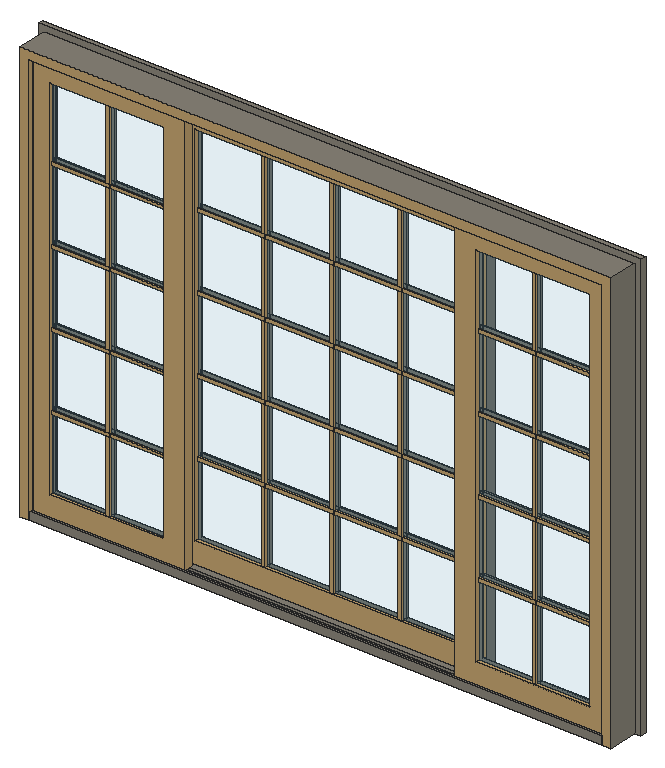
Revit family
Parameters (values of type "CMMSDS12080_XOX")
  Void Offset = if(and(Casing Visibility, BMC), 0' 1 5/16", if(and(Casing Visibility, Flat Casing), 0' 3", 0' 0"))  # 0' - 1 5/16"
  URL = "www.marvin.com"
  Sill Material = Polyurethane-Marvin-Bronze
  Sill Liner = if(Performance Sill, 0' 1 1/16", 0' 0")  # 0' - 1 1/16"
  Prairie Corner Width = 0' - 4"
  Prairie Corner Height = 0' - 4"
  Performance Sill = yes
  Panel Start Center = Panel Width / 2  # 1' - 5 17/32"
  Operator Arrow Visibility = yes
  Muntins Interior Material = Wood-Marvin-Pine
  Muntins Exterior Material = Aluminum-Marvin-Bronze
  Mtg Stile Offset = if(Performance Sill, 0' 1 13/16", 0' 1 7/32")  # 0' - 1 13/16"
  Lites Wide Center = 4
  Lite Cut Prairie 9 = no
  Lite Cut HV Grid = not(Lite Cut Prairie 9)  # yes
  Interior Material = Wood-Marvin-Pine
  Function = 1
  Frame = "Aluminum Clad"
  Flush Sill = not(Performance Sill)  # no
  Panel Stile = 0' - 4 47/64"  # constant formula
  Thickness = 0' - 2 1/4"  # constant formula
  Rough Width = Width + 0' 1"  # 11' - 1 27/32"
  Rough Height = Height + 0' 0 1/2"  # 7' - 11 7/32"
  DLO Width Center Panel = Center Panel Width - (Panel Stile * 2)  # 5' - 0 55/64"
  Center Panel Width = if(Nominal Width = 15' 0", Nominal Width - (Nominal Panel Width * 2) + 0' 7 21/32", Nominal Width - (Nominal Panel Width * 2) - 0' 1 43/64")  # 5' - 10 21/64"
  Panel Width = Nominal Panel Width - 0' 0 15/16"  # 2' - 11 1/16"
  Nominal Panel Width = 3' - 0"
  Panel Height = Height - 0' 2 7/32"  # 7' - 8 1/2"
  Nominal Width = 12' - 0"
  Nominal Height = 8' - 0"
  Muntins Interior Visibility = yes
  Muntins Exterior Visibility = yes
  Model = "CMMSDS12080_XOX"
  Manufacturer = "Marvin Windows and Doors"
  Lites Wide = 2
  Lites High = 5
  Label Visibility = no
  Jamb Depth = 0' - 6 25/32"  # constant formula
  Inset to Installation Flange [instance] = 0' - 1"
  Height = if(Nominal Height = 7' 0", Nominal Height + 0' 1 7/32", Nominal Height - 0' 1 9/32")  # 7' - 10 23/32"
  Wall Closure = (empty or 0)
  Width = if(Nominal Width = 15' 0", Nominal Width - 0' 1 53/64", Nominal Width - 0' 11 5/32")  # 11' - 0 27/32"
  Glazing Material = Glass-Marvin-IG Low E II with Argon
  Glass Type = "IG Low E II with Argon"
  Family created by = "www.rbuiltcomponents.com"
  Door Type = "Clad Ultimate Multi-Slide Stacked Door"
  Design Pressure = if(DP_1, "Not Rated", "DP40")  # "DP40"
  Description = "12080 MS DOOR"
  Daylight Area = (DLO Width Center Panel + (2 * DLO Width Panel)) * DLO Height Panel  # 64.6069 SF
  DP_1 = or(Panel Height > 10' 0", Panel Width > 4' 0", Flush Sill)  # no
  DLO Width Panel = Panel Width - (Panel Stile * 2)  # 2' - 1 19/32"
  DLO Height Panel = Panel Height - (Panel Stile * 2)  # 6' - 11 1/32"
  Cladding Material = Aluminum-Marvin-Bronze
  Casing Width = if(BMC, 0' 1 5/16", 0' 3")  # 0' - 1 5/16"
  Casing Visibility = yes
  Flat Casing Visibility = and(Casing Visibility, Flat Casing)  # no
  BMC Visibility = and(Casing Visibility, BMC)  # yes
  BMC = yes
  Flat Casing = not(BMC)  # no
  Assembly Code = ""
Reference planes (in)
  plane 1 "Center (Front/Back)": y = 0
  plane 2 "Center (Left/Right)": x = 0
  plane 3 "Left": x = -66.42188
  plane 4 "Right": x = 66.42187
  plane 5 "Top": z = 94.71875
  plane 6 "Exterior": y = 9
  plane 7 "Interior": y = -9
  plane 8 "Inset": y = 8
  plane 9: x = -65.5
  plane 10: x = 65.5
  plane 11: z = 93.71875
  plane 12 "Jamb Ext Face": y = 1.21875
  plane 13: y = 4.59375
  plane 14: y = 7.625
  plane 15: z = 96.03125
  plane 16: x = 47.96875
  plane 17: x = -47.96875
Forms (in)
  Extrusion 1, void
    sketch origin (0, 0, 0) x (1, 0, 0) y (0, 1, 0)
      loop
        line (-67.73438, 9.125) -> (-67.73438, 8) -> (67.73437, 8) -> (67.73437, 9.125) -> (-67.73438, 9.125)
    from 0 to 96.03125
  Extrusion 2, void
    sketch origin (0, 0, 0) x (1, 0, 0) y (0, 1, 0)
      loop
        line (-66.42188, 8) -> (-66.42188, -9) -> (66.42187, -9) -> (66.42187, 8) -> (-66.42188, 8)
    from 0 to 94.71875
  Sweep 3, solid, material "Polyurethane-Marvin-Bronze" <- "Sill Material"
    path origin (0, 8, 0) x (1, 0, 0) y (0, 0, 1)
      loop
        line (65.57812, 0) -> (-65.57813, 0)
    profile origin (0, 8, 0) x (0, 0, -1) y (0, -1, 0)
      loop
        line (0, -1.03125) -> (0, 6.3125) -> (-0.75, 6.3125) -> (-0.75, 5.04206) -> (-0.25, 5.04206) -> (-0.25, 3.60456) -> (-0.75, 3.60456) -> (-0.75, -1.03125) -> (0, -1.03125)
  Sweep 4, solid, material "Polyurethane-Marvin-Bronze" <- "Sill Material"
    path origin (0, 8, 0) x (1, 0, 0) y (0, 0, 1)
      loop
        line (64.45088, 0) -> (-64.45088, 0)
    profile origin (0, 8, 0) x (0, 0, -1) y (0, -1, 0)
      loop
        line (-1.8125, 6.3125) -> (0, 6.3125) -> (0, 6.78125) -> (-1.8125, 6.78125) -> (-1.8125, 6.3125)
  Sweep 5, solid, material "Aluminum-Marvin-Bronze" <- "Cladding Material"
    path origin (0, 8, 0) x (1, 0, 0) y (0, 0, 1)
      loop
        line (-66.42188, 0) -> (-66.42188, 94.71875) -> (66.42187, 94.71875) -> (66.42187, 0)
    profile origin (0, 8, 94.71875) x (0, 0, 1) y (0, -1, 0)
      loop
        line (0, 6.78125) -> (-1.971, 6.78125) -> (-1.971, 6) -> (-1.8125, 6) -> (-1.8125, -0.40625) -> (-0.84375, -0.40625) -> (-0.84375, -1.0935) -> (0, -1.0935) -> (0, 6.78125)
  Sweep 6, void
    path origin (0, 8, 0) x (1, 0, 0) y (0, 0, 1)
      loop
        line (-66.42188, 93.71875) -> (-66.42188, 0)
    profile origin (-66.42188, 8, 46.85938) x (0, -1, 0) y (1, 0, 0)
      loop
        line (5.65625, 1.8125) -> (3.15625, 1.8125) -> (3.15625, 0.8125) -> (5.65625, 0.8125) -> (5.65625, 1.8125)
  Sweep 7, void
    path origin (0, 8, 0) x (1, 0, 0) y (0, 0, 1)
      loop
        line (-64.60937, 94.71875) -> (64.60937, 94.71875)
    profile origin (0, 8, 94.71875) x (0, 0, 1) y (0, -1, 0)
      loop
        line (-0.25, 5.79297) -> (-1.5, 5.79297) -> (-1.5, 6.04297) -> (-1.8125, 6.04297) -> (-1.8125, 3.03125) -> (-1.5, 3.03125) -> (-1.5, 3.28125) -> (-0.25, 3.28125) -> (-0.25, 5.79297)
  Sweep 8, void
    path origin (0, 8, 0) x (1, 0, 0) y (0, 0, 1)
      loop
        line (-35.16406, 94.71875) -> (35.16406, 94.71875)
    profile origin (0, 8, 94.71875) x (0, 0, 1) y (0, -1, 0)
      loop
        line (-0.25, 0.24219) -> (-0.25, 2.75391) -> (-1.5, 2.75391) -> (-1.5, 3.00391) -> (-1.8125, 3.00391) -> (-1.8125, -0.00781) -> (-1.5, -0.00781) -> (-1.5, 0.24219) -> (-0.25, 0.24219)
  Sweep 9, void
    path origin (0, 8, 0) x (-1, 0, 0) y (0, 0, 1)
      loop
        line (-66.42188, 93.71875) -> (-66.42188, 0)
    profile origin (66.42187, 8, 46.85938) x (0, -1, 0) y (1, 0, 0)
      loop
        line (5.65625, -1.8125) -> (5.65625, -0.84375) -> (3.15625, -0.84375) -> (3.15625, -1.8125) -> (5.65625, -1.8125)
Cuts and joins
  Sweep 6, Sweep 7, Sweep 8, Sweep 9 cuts Sweep 5
  Sweep 8 cuts Sweep 3
  joined: Sweep 3, Sweep 4
Lines and regions (in)
  Masking region 1
    outline origin (0, 0, 0) x (0, 1, 0) y (0, 0, 1)
      loop
        line (9.0935, 94.71875) -> (1.21875, 94.71875) -> (1.21875, 0) -> (9.0935, 0) -> (9.0935, 94.71875)
  symbolic lines, style "DoorsPanelProjection", detail levels coarse+medium
    curve 1: line (0, 7.625, 93.71875) -> (0, 5.40625, 93.71875)
    curve 2: line (0, 7.625, 88.98437) -> (0, 7.625, 93.71875)
    curve 3: line (0, 5.40625, 88.98437) -> (0, 7.625, 88.98437)
    curve 4: line (0, 5.40625, 93.71875) -> (0, 5.40625, 88.98437)
    curve 5: line (0, 5.40625, 1.21875) -> (0, 7.625, 1.21875)
    curve 6: line (0, 5.40625, 5.95312) -> (0, 5.40625, 1.21875)
    curve 7: line (0, 7.625, 5.95312) -> (0, 5.40625, 5.95312)
    curve 8: line (0, 7.625, 1.21875) -> (0, 7.625, 5.95312)
    curve 9: line (0, 7.625, 5.95312) -> (0, 7.625, 88.98437)
    curve 15: line (0, 5.40625, 88.98437) -> (0, 5.40625, 5.95312)
  symbolic lines, style "DoorsGlassProjection", detail levels coarse+medium
    curve 10: line (0, 6.51562, 5.95312) -> (0, 6.51562, 88.98437)
  symbolic lines, style "DoorsFrameMullionProjection", detail levels coarse+medium
    curve 11: line (0, 9.0935, 94.71875) -> (0, 1.21875, 94.71875)
    curve 12: line (0, 9.0935, 92.90625) -> (0, 9.0935, 94.71875)
    curve 13: line (0, 1.21875, 92.74775) -> (0, 2.25, 92.74775)
    curve 14: line (0, 1.21875, 94.71875) -> (0, 1.21875, 92.74775)
    curve 16: line (0, 2.25, 93.71875) -> (0, 7.75, 93.71875)
    curve 17: line (0, 7.75, 92.90625) -> (0, 7.75, 93.71875)
    curve 18: line (0, 2.25, 92.74775) -> (0, 2.25, 93.71875)
    curve 19: line (0, 7.75, 92.90625) -> (0, 9.0935, 92.90625)
    curve 20: line (0, 9.03125, 0) -> (0, 1.21875, 0)
    curve 21: line (0, 9.03125, 0.75) -> (0, 9.03125, 0)
    curve 22: line (0, 1.21875, 0.75) -> (0, 9.03125, 0.75)
    curve 23: line (0, 1.21875, 0) -> (0, 1.21875, 0.75)
Text (in)
  text "Exterior" at (-74.96733, 27.31104, 0), in view "Ref. Level"
  text "Interior" at (-74.96733, -25.14366, 0), in view "Ref. Level"
  text "Exterior" at (0, 40.15149, 123.01588), in view "Right"
  text "Interior" at (0, -64.39139, 123.01588), in view "Right"
  text "Interior" at (0, -31.01599, 123.00693), in view "Left"
  text "Exterior" at (0, 54.57065, 123.00693), in view "Left"
Dimensions and locks (in)
  equal spacing: plane 3 "Left", plane 2 "Center (Left/Right)", plane 4 "Right"
  "Height": level to plane 5 "Top"
  "Width": plane 3 "Left" to plane 4 "Right"
  locked: plane 10 to plane 4 "Right" at 0.92188
  locked: plane 3 "Left" to plane 9 at 0.92188
  locked: plane 11 to plane 5 "Top" at 1
  "Inset to Installation Flange": host wall to plane 8 "Inset"
  "Jamb Depth": plane 12 "Jamb Ext Face" to plane 8 "Inset"
  locked: nested 1 to host wall at 12
  locked: Extrusion 1 sketch curve to host wall at 0.125
  "Void Offset": Extrusion 1 sketch curve to plane 3 "Left"
  "Void Offset": plane 4 "Right" to Extrusion 1 sketch curve
  locked: plane 13 to plane 8 "Inset" at 3.40625
  "Void Offset": plane 5 "Top" to plane 15
  "Panel Start Center": plane 16 to plane 10
  equal spacing: nested 4, curve 10, nested 4
  locked: plane 14 to plane 8 "Inset" at 0.375
  locked: Sweep 5 sketch curve to plane 12 "Jamb Ext Face" at 0.78125
  Sweep 6 sketch curve to plane 13 to Sweep 6 sketch curve = 0' - 2 1/4" locked, 0' - 0 1/4" locked
  locked: Sweep 6 sketch curve to cut or joined group of Sweep 5, Sweep 6, Sweep 7, Sweep 8, Sweep 9 at 1
  locked: plane 10 to Sweep 3 sketch curve at 0.07812
  locked: Sweep 3 sketch curve to plane 9 at 0.07812
  Sweep 7 sketch curve to Sweep 7 sketch curve to plane 13 to Sweep 7 sketch curve to Sweep 7 sketch curve = 0' - 0 1/4" locked, 0' - 0 1/8" locked, 0' - 2 99/256" locked, 0' - 0 1/4" locked
  Sweep 8 sketch curve to Sweep 8 sketch curve to plane 14 to Sweep 8 sketch curve to Sweep 8 sketch curve = 0' - 0 1/4" locked, 0' - 0 17/128" locked, 0' - 2 97/256" locked, 0' - 0 1/4" locked
  locked: Sweep 3 sketch curve to plane 12 "Jamb Ext Face" at 0.46875
  "Sill Liner": Sweep 4 sketch curve to cut or joined group of Sweep 3, Sweep 4, Sweep 8
  Sweep 9 sketch curve to plane 13 to Sweep 9 sketch curve = 0' - 2 1/4" locked, 0' - 0 1/4" locked
  Sweep 3 sketch curve to Sweep 3 sketch curve to plane 12 "Jamb Ext Face" = 0' - 1 7/16" locked, 0' - 1.73919" locked
  "Panel Start Center": plane 9 to plane 17
  aligned and locked: plane 6 "Exterior" to host wall
  aligned and locked: plane 7 "Interior" to host wall
  aligned and locked: plane 2 "Center (Left/Right)" to nested 1
  aligned and locked: Extrusion 1 sketch curve to plane 8 "Inset"
  aligned and locked: Extrusion 1 to level
  aligned and locked: Extrusion 2 sketch curve to plane 3 "Left"
  aligned and locked: plane 8 "Inset" to Extrusion 2 sketch curve
  aligned and locked: plane 4 "Right" to Extrusion 2 sketch curve
  aligned and locked: Extrusion 2 to plane 5 "Top"
  aligned and locked: Extrusion 2 to level
  aligned and locked: Extrusion 2 sketch curve to host wall
  aligned and locked: nested 2 to plane 9
  aligned and locked: plane 13 to nested 2
  aligned and locked: plane 8 "Inset" to nested 3
  aligned and locked: plane 2 "Center (Left/Right)" to nested 3
  aligned and locked: Extrusion 1 to plane 15
  aligned and locked: plane 5 "Top" to Masking region 1 sketch curve
  aligned and locked: level to Masking region 1 sketch curve
  aligned and locked: level to nested 4
  aligned and locked: nested 4 to plane 8 "Inset"
  aligned and locked: curve 1 to nested 4
  aligned and locked: curve 4 to nested 4
  aligned and locked: nested 4 to curve 5
  aligned and locked: curve 5 to nested 4
  aligned and locked: curve 11 to nested 4  (x2)
  aligned and locked: nested 4 to curve 14
  aligned and locked: curve 14 to plane 12 "Jamb Ext Face"
  aligned and locked: nested 4 to curve 9
  aligned and locked: Masking region 1 sketch curve to plane 12 "Jamb Ext Face"
  aligned and locked: Masking region 1 sketch curve to nested 4
  aligned and locked: curve 3 to nested 4
  aligned and locked: curve 7 to nested 4
  aligned and locked: nested 2 to plane 11  (x2)
  aligned and locked: level to Sweep 3 sketch curve
  aligned and locked: Sweep 4 sketch curve to level
  aligned and locked: Sweep 4 sketch curve to plane 12 "Jamb Ext Face"
  aligned and locked: plane 5 "Top" to Sweep 5 sketch curve
  aligned and locked: plane 4 "Right" to Sweep 5 sketch curve
  aligned and locked: plane 3 "Left" to Sweep 5 sketch curve
  aligned and locked: level to Sweep 5 sketch curve  (x2)
  aligned and locked: profile plane to Sweep 5 sketch curve
  aligned and locked: Sweep 5 sketch curve to nested 4  (x4)
  aligned and locked: plane 12 "Jamb Ext Face" to Sweep 5 sketch curve
  aligned and locked: Sweep 6 sketch curve to plane 3 "Left"
  aligned and locked: Sweep 4 to Sweep 6 sketch curve
  aligned and locked: cut or joined group of Sweep 5, Sweep 6, Sweep 7, Sweep 8, Sweep 9 to Sweep 6 sketch curve
  aligned and locked: Sweep 4 sketch curve to cut or joined group of Sweep 5, Sweep 6, Sweep 7, Sweep 8, Sweep 9
  aligned and locked: cut or joined group of Sweep 5, Sweep 6, Sweep 7, Sweep 8, Sweep 9 to Sweep 4 sketch curve
  aligned and locked: Sweep 7 sketch curve to plane 5 "Top"
  aligned and locked: Sweep 8 sketch curve to plane 5 "Top"
  aligned and locked: plane 11 to curve 16
  aligned and locked: curve 17 to nested 4
  aligned and locked: curve 18 to nested 4
  aligned and locked: curve 19 to nested 4
  aligned and locked: curve 20 to nested 4
  aligned and locked: nested 4 to curve 23
  aligned and locked: plane 12 "Jamb Ext Face" to curve 23
  aligned and locked: level to Sweep 4 sketch curve
  aligned and locked: plane 11 to Sweep 6 sketch curve
  aligned and locked: nested 5 to plane 16
  aligned and locked: plane 11 to nested 6
  aligned and locked: plane 11 to nested 5
  aligned and locked: nested 6 to plane 14
  aligned and locked: nested 5 to plane 13
  aligned and locked: Sweep 9 sketch curve to plane 4 "Right"
  aligned and locked: plane 11 to Sweep 9 sketch curve
  aligned and locked: level to Sweep 9 sketch curve
  aligned and locked: Sweep 9 sketch curve to cut or joined group of Sweep 3, Sweep 4, Sweep 8
  aligned and locked: Sweep 9 sketch curve to cut or joined group of Sweep 5, Sweep 6, Sweep 7, Sweep 8, Sweep 9
  aligned and locked: Sweep 8 sketch curve to nested 6  (x2)
  aligned and locked: nested 7 to plane 2 "Center (Left/Right)"
  aligned and locked: nested 7 to plane 8 "Inset"
  aligned and locked: curve 21 to nested 4
  aligned and locked: plane 2 "Center (Left/Right)" to nested 6
  aligned and locked: plane 17 to nested 2
  aligned and locked: Sweep 7 sketch curve to cut or joined group of Sweep 5, Sweep 6, Sweep 7, Sweep 8, Sweep 9
Automatic sketch dimensions
  Sweep 3 sketch curve to profile plane = 0' - 0"
  profile plane to Sweep 3 sketch curve = 0' - 0 1/4"
  profile plane to Sweep 3 sketch curve = 0' - 0 3/4"
  Sweep 3 sketch curve to Sweep 3 sketch curve = 0' - 0 1/2"
  Sweep 3 sketch curve to plane 8 "Inset" = 0' - 1 1/32"
  Sweep 4 sketch curve to Sweep 4 sketch curve = 0' - 0 15/32"
  Sweep 5 sketch curve to Sweep 5 sketch curve = 0' - 0.1585"
  plane 10 to Sweep 7 sketch curve = 0' - 0 57/64"
  profile plane to Sweep 7 sketch curve = 0' - 1 13/16"
  Sweep 7 sketch curve to Sweep 7 sketch curve = 0' - 0 5/16"  (x2)
  profile plane to Sweep 7 sketch curve = 0' - 0 1/4"
  profile plane to Sweep 8 sketch curve = 0' - 1 13/16"
  Sweep 8 sketch curve to Sweep 8 sketch curve = 0' - 0 5/16"  (x2)
  profile plane to Sweep 8 sketch curve = 0' - 0 1/4"
Nested families (in)
  nested 1: "Label Annotation 1-16 w5" at (0, 21, 0), visible <- "Label Visibility", type "Label Annotation 1-16 w5"
  nested 2: "Panel" at (-47.96875, 4.59375, 1.21875), Arrow Visibility <- "Operator Arrow Visibility", type "Panel"
    with Meeting Flange no, Arrow Visibility yes
  nested 3: "Casing_Clad" at (0, 8, 0), visible <- "Casing Visibility", type "Casing_Clad"
    with Width 11' - 0 27/32"
  nested 4: "Door_Section_Detail" at (0, 8, 0) x (0, -1, 0) z (1, 0, 0), type "Door_Section_Detail", detail levels fine
  nested 5: "Panel" at (47.96875, 4.59375, 1.21875) x (-1, 0, 0) z (0, 0, 1), Arrow Visibility <- "Operator Arrow Visibility", type "Panel"
    with Meeting Flange no, Arrow Visibility yes
  nested 6: "Center Panel" at (0, 7.625, 1.21875) x (-1, 0, 0) z (0, 0, 1), type "Center Panel"
    with Meeting Flange yes, Arrow Visibility no
  nested 7: "Door_Plan_Detail" at (0, 8, 94.71875) x (1, 0, 0) z (0, 0, -1), type "Door_Plan_Detail"
Definition of nested family "Panel"
  Parameters (values of type "Panel")
    Width = 2' - 11 1/16"
    Thickness = 0' - 2 7/32"
    Prairie Corner Width = 0' - 4"
    Prairie Corner Height = 0' - 4"
    Muntins Interior Visibility = yes
    Muntins Interior Finish = Wood-Marvin-Pine
    Muntins Exterior Visibility = yes
    Muntins Exterior Finish = Aluminum-Marvin-Bronze
    Meeting Flange [instance] = yes
    Lites Wide = 2
    Lites High = 5
    Lite Cut Prairie 9 = no
    Lite Cut HV Grid = yes
    Interior Finish = Wood-Marvin-Pine
    Height = 7' - 8 1/2"
    Glazing Material = Glass-Marvin-IG Low E II with Argon
    DLO Width = 2' - 1 19/32"
    DLO Height = 6' - 11 1/32"
    Cladding Finish = Aluminum-Marvin-Bronze
    Assembly Code = ""
    Arrow Visibility [instance] = yes
  Reference planes (in)
    plane 1 "Center (Front/Back)": y = 0
    plane 2: z = 0
    plane 3 "Center (Left/Right)": x = 0
    plane 4: x = -17.53125
    plane 5: x = 17.53125
    plane 6: z = 92.5
    plane 7: y = -2.21875
    plane 8: z = 87.76562
    plane 9: x = -12.79687
    plane 10: x = 12.79688
    plane 11 "Top Rail": z = 4.73437
  Forms (in)
    Sweep 1, solid, material "Aluminum-Marvin-Bronze" <- "Cladding Finish"
      path origin (0, 0, 0) x (1, 0, 0) y (0, 0, 1)
        loop
          line (-12.79687, 87.76563) -> (-12.79687, 4.73438) -> (12.79688, 4.73438) -> (12.79688, 87.76563) -> (-12.79687, 87.76563)
      profile "Sash_C : Sash_C" origin (0, 0, 87.76563) x (0, 0, 1) y (0, -1, 0)
        loop
          line (4.73437, 0) -> (4.73438, 2.21875) -> (0, 2.21875) -> (0, 1.5) -> (0.73438, 1.5) -> (0.73437, 0.4375) -> (0, 0.4375) -> (0, 0.39904) -> (0.25, 0.14904) -> (0.25, 0) -> (4.73437, 0)
    Extrusion 2, solid, material "Glass-Marvin-IG Low E II with Argon" <- "Glazing Material"
      sketch origin (0, 0, 0) x (1, 0, 0) y (0, 0, 1)
        loop
          line (-13.54687, 88.51563) -> (-13.54687, 3.98438) -> (13.54688, 3.98438) -> (13.54688, 88.51563) -> (-13.54687, 88.51563)
      from 0.4863 to 1.4238
  Dimensions and locks (in)
    equal spacing: plane 4, plane 3 "Center (Left/Right)", plane 5
    "Width": plane 4 to plane 5
    "Height": plane 6 to plane 2
    locked: plane 9 to plane 4 at 4.73438
    locked: plane 5 to plane 10 at 4.73438
    locked: plane 6 to plane 8 at 4.73438
    locked: plane 11 "Top Rail" to plane 2 at 4.73438
    "Thickness": plane 7 to plane 1 "Center (Front/Back)"
    locked: nested 3 to plane 5 at 12
    equal spacing: plane 6, nested 3, level
    aligned and locked: plane 11 "Top Rail" to Sweep 1 sketch curve
    aligned and locked: plane 9 to Sweep 1 sketch curve
    aligned and locked: Sweep 1 sketch curve to plane 8
    aligned and locked: Sweep 1 sketch curve to plane 10
    aligned and locked: nested 1 to Sweep 1
    aligned and locked: plane 3 "Center (Left/Right)" to nested 1
    aligned and locked: Sweep 1 to nested 2
    aligned and locked: nested 2 to plane 8
    aligned and locked: nested 2 to plane 3 "Center (Left/Right)"
    aligned and locked: plane 8 to nested 1
  Automatic sketch dimensions
    Extrusion 2 sketch curve to plane 9 = 0' - 0 3/4"
    plane 10 to Extrusion 2 sketch curve = 0' - 0 3/4"
    Extrusion 2 sketch curve to plane 11 "Top Rail" = 0' - 0 3/4"
    plane 8 to Extrusion 2 sketch curve = 0' - 0 3/4"
  Nested families (in)
    nested 1: "Muntins" at (0, -1.5, -31.3125), Muntin Material <- "Muntins Interior Finish", visible <- "Muntins Interior Visibility", type "Muntins"
      with MuntinDepth 0' - 0 3/8", Muntin Material Wood-Marvin-Pine, Muntin Extension 0' - 0 17/32", GlazingWidth 2' - 1 19/32", GlazingHeight 6' - 11 1/32", Width 2' - 2 1/8", VertMuntVisible no, LitesVertical 5, LitesHorizontal 2, HorizontalMuntins 4, Height 6' - 11 9/16", Inset Vert 0' - 8.33333", Inset Horiz 1' - 4.3375", CenterMuntinVertical yes
    nested 2: "Muntins" at (0, -0.4375, -31.3125), Muntin Material <- "Muntins Exterior Finish", visible <- "Muntins Exterior Visibility", type "Muntins"
      with MuntinDepth 0' - 0 5/16", Muntin Material Aluminum-Marvin-Bronze, Muntin Extension 0' - 0 17/32", GlazingWidth 2' - 1 19/32", GlazingHeight 6' - 11 1/32", Width 2' - 2 1/8", VertMuntVisible no, LitesVertical 5, LitesHorizontal 2, HorizontalMuntins 4, Height 6' - 11 9/16", Inset Vert 0' - 8.33333", Inset Horiz 1' - 4.3375", CenterMuntinVertical yes
    nested 3: "Sliding Arrow" at (5.53125, 0, 46.25) x (1, 0, 0) z (0, -1, 0), visible <- "Arrow Visibility", type "Sliding Arrow"
  Definition of nested family "Muntins"
    Parameters (values of type "Muntins")
      PrairieMuntVisible = no
      Prairie Corner Width = 0' - 4"
      Prairie Corner Height = 0' - 4"
      Muntin Extension = 0' - 0 7/16"
      GridMuntVisible = yes
      GlazingWidth = 2' - 0"
      GlazingHeight = 2' - 11 1/8"
      Width = GlazingWidth + Muntin Extension  # 2' - 0 7/16"
      VerticalMuntins = if(LitesHorizontal < 3, 2, LitesHorizontal - 1)  # 2
      VertMuntVisible = and(GridMuntVisible, LitesHorizontal > 2)  # yes
      MuntinWidth = 0' - 0 3/4"
      MuntinDepth [instance] = 0' - 0 3/8"
      Muntin Material [instance] = none
      LitesVertical = 3
      LitesHorizontal = 3
      HorizontalMuntins = if(LitesVertical < 3, 2, LitesVertical - 1)  # 2
      HorizMuntVisible = and(GridMuntVisible, LitesVertical > 2)  # yes
      Height = GlazingHeight + Muntin Extension  # 2' - 11 9/16"
      Inset Vert = if(LitesHorizontal < 3, (Width / 3) - (MuntinWidth / 2), (Width / LitesHorizontal) - (MuntinWidth / 2))  # 0' - 7.77083"
      Inset Horiz = if(LitesVertical < 3, (Height / 3) - (MuntinWidth / 2), (Height / LitesVertical) - (MuntinWidth / 2))  # 0' - 11.47917"
      CenterMuntinVertical = and(GridMuntVisible, LitesHorizontal = 2)  # no
      CenterMuntinHorizontal = and(GridMuntVisible, LitesVertical = 2)  # no
      Assembly Code = ""
    Reference planes (in)
      plane 1 "Center (Front/Back)": y = 0
      plane 2: z = 0
      plane 3 "Center (Left/Right)": x = 0
      plane 4: z = 35.78125
      plane 5: z = 53.5625
      plane 6: z = 71.34375
      plane 7: z = 59.86458
      plane 8: z = 47.26042
      plane 9: z = 71.125
      plane 10: z = 36
      plane 11: x = -12
      plane 12: x = 12
      plane 13: x = -4.44792
      plane 14: x = -12.21875
      plane 15: x = 12.21875
      plane 16: x = 4.44792
      plane 17: z = 67.125
      plane 18: z = 40
      plane 19: x = -8
      plane 20: x = 8
    Forms (in)
      Extrusion 1, solid, material <- "Muntin Material", visible <- "CenterMuntinVertical", detail levels medium+fine
        sketch origin (9, 0, 0) x (1, 0, 0) y (0, 0, 1)
          loop
            line (-9.375, 71.34375) -> (-9.375, 35.78125) -> (-8.625, 35.78125) -> (-8.625, 71.34375) -> (-9.375, 71.34375)
        from 0 to 0.375 <- "MuntinDepth"
      Extrusion 2, solid, material <- "Muntin Material", visible <- "CenterMuntinHorizontal", detail levels medium+fine
        sketch origin (-0.0013, 0, 14.6875) x (1, 0, 0) y (0, 0, 1)
          loop
            line (-12.21745, 39.25) -> (-12.21745, 38.5) -> (12.22005, 38.5) -> (12.22005, 39.25) -> (-12.21745, 39.25)
        from 0 to 0.375 <- "MuntinDepth"
      Extrusion 3, solid, material <- "Muntin Material", visible <- "VertMuntVisible", detail levels medium+fine
        sketch origin (4.92708, 0, -2.90625) x (1, 0, 0) y (0, 0, 1)
          loop
            line (-9.375, 74.25) -> (-9.375, 38.6875) -> (-8.625, 38.6875) -> (-8.625, 74.25) -> (-9.375, 74.25)
        from 0 to 0.375 <- "MuntinDepth"
      Extrusion 4, solid, material <- "Muntin Material", visible <- "HorizMuntVisible", detail levels medium+fine
        sketch origin (-3.09635, 0, 14.17708) x (1, 0, 0) y (0, 0, 1)
          loop
            line (-9.1224, 45.6875) -> (-9.1224, 44.9375) -> (15.3151, 44.9375) -> (15.3151, 45.6875) -> (-9.1224, 45.6875)
        from 0 to 0.375 <- "MuntinDepth"
      Extrusion 5, solid, material <- "Muntin Material", visible <- "HorizMuntVisible", detail levels medium+fine
        sketch origin (-3.09635, 0, 2.32292) x (1, 0, 0) y (0, 0, 1)
          loop
            line (-9.1224, 45.6875) -> (-9.1224, 44.9375) -> (15.3151, 44.9375) -> (15.3151, 45.6875) -> (-9.1224, 45.6875)
        from 0 to 0.375 <- "MuntinDepth"
      Extrusion 6, solid, material <- "Muntin Material", visible <- "VertMuntVisible", detail levels medium+fine
        sketch origin (13.07292, 0, -2.90625) x (1, 0, 0) y (0, 0, 1)
          loop
            line (-9.375, 74.25) -> (-9.375, 38.6875) -> (-8.625, 38.6875) -> (-8.625, 74.25) -> (-9.375, 74.25)
        from 0 to 0.375 <- "MuntinDepth"
      Extrusion 7, solid, material <- "Muntin Material", visible <- "PrairieMuntVisible", detail levels medium+fine
        sketch origin (1, 0, 0) x (1, 0, 0) y (0, 0, 1)
          loop
            line (-9, 71.34375) -> (-9, 35.78125) -> (-8.25, 35.78125) -> (-8.25, 71.34375) -> (-9, 71.34375)
        from 0 to 0.375 <- "MuntinDepth"
      Extrusion 8, solid, material <- "Muntin Material", visible <- "PrairieMuntVisible", detail levels medium+fine
        sketch origin (17, 0, 0) x (1, 0, 0) y (0, 0, 1)
          loop
            line (-9.75, 71.34375) -> (-9.75, 35.78125) -> (-9, 35.78125) -> (-9, 71.34375) -> (-9.75, 71.34375)
        from 0 to 0.375 <- "MuntinDepth"
      Extrusion 9, solid, material <- "Muntin Material", visible <- "PrairieMuntVisible", detail levels medium+fine
        sketch origin (-0.0013, 0, 28.25) x (1, 0, 0) y (0, 0, 1)
          loop
            line (-12.21745, 38.875) -> (-12.21745, 38.125) -> (12.22005, 38.125) -> (12.22005, 38.875) -> (-12.21745, 38.875)
        from 0 to 0.375 <- "MuntinDepth"
      Extrusion 10, solid, material <- "Muntin Material", visible <- "PrairieMuntVisible", detail levels medium+fine
        sketch origin (-0.0013, 0, 1.125) x (1, 0, 0) y (0, 0, 1)
          loop
            line (-12.21745, 39.625) -> (-12.21745, 38.875) -> (12.22005, 38.875) -> (12.22005, 39.625) -> (-12.21745, 39.625)
        from 0 to 0.375 <- "MuntinDepth"
    Cuts and joins
      joined: Extrusion 7, Extrusion 8, Extrusion 9, Extrusion 10
    Lines and regions (in)
      model lines, style "Muntins", visible <- "CenterMuntinHorizontal", detail levels coarse
        curve 1: line (-12.21875, 0, 53.5625) -> (12.21875, 0, 53.5625)
      model lines, style "Muntins", visible <- "HorizMuntVisible", detail levels coarse
        curve 2: line (-12.21875, 0, 59.48958) -> (12.21875, 0, 59.48958)
        curve 3: line (-12.21875, 0, 47.63542) -> (12.21875, 0, 47.63542)
      model lines, style "Muntins", visible <- "CenterMuntinVertical", detail levels coarse
        curve 4: line (0, 0, 71.34375) -> (0, 0, 35.78125)
      model lines, style "Muntins", visible <- "VertMuntVisible", detail levels coarse
        curve 5: line (-4.07292, 0, 71.34375) -> (-4.07292, 0, 35.78125)
        curve 6: line (4.07292, 0, 71.34375) -> (4.07292, 0, 35.78125)
      model lines, style "Muntins", visible <- "PrairieMuntVisible", detail levels coarse
        curve 7: line (-12.21875, 0, 66.75) -> (12.21875, 0, 66.75)
        curve 8: line (-12.21875, 0, 40.375) -> (12.21875, 0, 40.375)
        curve 9: line (-7.625, 0, 35.78125) -> (-7.625, 0, 71.34375)
        curve 10: line (7.625, 0, 35.78125) -> (7.625, 0, 71.34375)
    Dimensions and locks (in)
      "Inset Horiz": plane 6 to plane 7
      "Inset Horiz": plane 8 to plane 4
      equal spacing: plane 6, plane 5, plane 4
      "Height": plane 6 to plane 4
      "GlazingHeight": plane 9 to plane 10
      equal spacing: plane 9, plane 5, plane 10
      "GlazingWidth": plane 12 to plane 11
      equal spacing: plane 12, plane 3 "Center (Left/Right)", plane 11
      "MuntinWidth": Extrusion 1 sketch curve to Extrusion 1 sketch curve
      "Height": Extrusion 1 sketch curve to Extrusion 1 sketch curve
      "MuntinWidth": Extrusion 2 sketch curve to Extrusion 2 sketch curve
      "Width": Extrusion 2 sketch curve to Extrusion 2 sketch curve
      "MuntinWidth": Extrusion 3 sketch curve to Extrusion 3 sketch curve
      "Height": Extrusion 3 sketch curve to Extrusion 3 sketch curve
      "Width": plane 15 to plane 14
      equal spacing: plane 15, plane 3 "Center (Left/Right)", plane 14
      "Inset Vert": plane 13 to plane 14
      "Inset Vert": plane 15 to plane 16
      "MuntinWidth": Extrusion 4 sketch curve to Extrusion 4 sketch curve
      "Width": Extrusion 4 sketch curve to Extrusion 4 sketch curve
      "MuntinWidth": Extrusion 5 sketch curve to Extrusion 5 sketch curve
      "Width": Extrusion 5 sketch curve to Extrusion 5 sketch curve
      group 2 to group 3 = 0' - 0"  (x2)
      group 3 to group 2 = 0' - 11.85417"
      "MuntinWidth": Extrusion 6 sketch curve to Extrusion 6 sketch curve
      "Height": Extrusion 6 sketch curve to Extrusion 6 sketch curve
      group 4 to group 5 = 0' - 8.14583"
      group 4 to group 5 = 0' - 0"  (x2)
      "Prairie Corner Width": plane 19 to plane 11
      "Prairie Corner Width": plane 20 to plane 12
      "Prairie Corner Height": plane 9 to plane 17
      "Prairie Corner Height": plane 18 to plane 10
      "MuntinWidth": Extrusion 7 sketch curve to Extrusion 7 sketch curve
      "Height": Extrusion 7 sketch curve to Extrusion 7 sketch curve
      "MuntinWidth": Extrusion 8 sketch curve to Extrusion 8 sketch curve
      "Height": Extrusion 8 sketch curve to Extrusion 8 sketch curve
      "MuntinWidth": Extrusion 9 sketch curve to Extrusion 9 sketch curve
      "Width": Extrusion 9 sketch curve to Extrusion 9 sketch curve
      "MuntinWidth": Extrusion 10 sketch curve to Extrusion 10 sketch curve
      "Width": Extrusion 10 sketch curve to Extrusion 10 sketch curve
      aligned and locked: plane 6 to Extrusion 1  (x2)
      aligned and locked: Extrusion 1 to plane 4  (x3)
      aligned and locked: Extrusion 3 to plane 13  (x5)
      aligned and locked: Extrusion 3 to plane 4  (x3)
      aligned and locked: Extrusion 2 to plane 14
      aligned and locked: plane 15 to Extrusion 2
      aligned and locked: plane 6 to Extrusion 3
      aligned and locked: plane 7 to Extrusion 4
      aligned and locked: Extrusion 4 to plane 14
      aligned and locked: plane 15 to Extrusion 4
      aligned and locked: curve 1 to plane 5
      aligned and locked: plane 14 to curve 1
      aligned and locked: plane 15 to curve 1
      aligned and locked: Extrusion 5 to plane 14
      aligned and locked: Extrusion 5 to plane 8
      aligned and locked: plane 15 to Extrusion 5
      aligned and locked: Extrusion 5 to curve 3  (x2)
      aligned and locked: Extrusion 4 to curve 2  (x2)
      aligned and locked: curve 4 to plane 3 "Center (Left/Right)"
      aligned and locked: Extrusion 1 to curve 4  (x2)
      aligned and locked: Extrusion 3 to curve 5  (x2)
      aligned and locked: Extrusion 6 to curve 6  (x2)
      aligned and locked: Extrusion 6 to plane 16
      aligned and locked: plane 6 to Extrusion 6
      aligned and locked: plane 6 to curve 6
      aligned and locked: Extrusion 6 to plane 4
      aligned and locked: plane 4 to curve 6
      aligned and locked: cut or joined group of Extrusion 7, Extrusion 8, Extrusion 9, Extrusion 10 to plane 19
      aligned and locked: plane 20 to cut or joined group of Extrusion 7, Extrusion 8, Extrusion 9, Extrusion 10
      aligned and locked: plane 17 to cut or joined group of Extrusion 7, Extrusion 8, Extrusion 9, Extrusion 10
      aligned and locked: cut or joined group of Extrusion 7, Extrusion 8, Extrusion 9, Extrusion 10 to plane 18
      aligned and locked: cut or joined group of Extrusion 7, Extrusion 8, Extrusion 9, Extrusion 10 to curve 7  (x2)
      aligned and locked: cut or joined group of Extrusion 7, Extrusion 8, Extrusion 9, Extrusion 10 to curve 8  (x2)
      aligned and locked: cut or joined group of Extrusion 7, Extrusion 8, Extrusion 9, Extrusion 10 to curve 9  (x2)
      aligned and locked: cut or joined group of Extrusion 7, Extrusion 8, Extrusion 9, Extrusion 10 to curve 10  (x2)
    Automatic sketch dimensions
      Extrusion 1 sketch curve to plane 4 = 0' - 0"
      Extrusion 1 sketch curve to plane 3 "Center (Left/Right)" = 0' - 0 3/8"
      Extrusion 2 sketch curve to plane 14 = 0' - 0"
      Extrusion 2 sketch curve to plane 5 = 0' - 0 3/8"
      Extrusion 7 sketch curve to plane 4 = 0' - 0"
      Extrusion 7 sketch curve to plane 19 = 0' - 0"
      Extrusion 8 sketch curve to plane 4 = 0' - 0"
      Extrusion 8 sketch curve to plane 20 = 0' - 0 3/4"
      Extrusion 9 sketch curve to plane 14 = 0' - 0"
      Extrusion 9 sketch curve to plane 17 = 0' - 0 3/4"
      Extrusion 10 sketch curve to plane 14 = 0' - 0"
      Extrusion 10 sketch curve to plane 18 = 0' - 0"
      plane 19 to curve 9 = 0' - 0 3/8"
      curve 10 to plane 20 = 0' - 0 3/8"
      plane 18 to curve 8 = 0' - 0 3/8"
      curve 7 to plane 17 = 0' - 0 3/8"
  Definition of nested family "Sliding Arrow"
    Reference planes (in)
      plane 1 "Center (Front/Back)": y = 0
      plane 2: z = 0
      plane 3 "Center (Left/Right)": x = 0
    Lines and regions (in)
      detail lines, in view "Ref. Level"
        curve 1: line (0, 1.5, 0) -> (0, -1.5, 0)
        curve 2: line (0, 1.5, 0) -> (2.59808, 0, 0)
        curve 3: line (2.59808, 0, 0) -> (0, -1.5, 0)
Definition of nested family "Casing_Clad"
  Parameters (values of type "Casing_Clad")
    Width = 40' - 0"
    Height = 7' - 10 23/32"
    Flat Casing Visibility = no
    Cladding Finish = Aluminum-Marvin-Bronze
    BMC Visibility = yes
    Assembly Code = ""
  Reference planes (in)
    plane 1 "Center (Front/Back)": y = 0
    plane 2: z = 0
    plane 3 "Center (Left/Right)": x = 0
    plane 4: z = 94.71875
    plane 5: x = -240
    plane 6: x = 240
  Forms (in)
    Sweep 1, solid, material "Aluminum-Marvin-Bronze" <- "Cladding Finish", visible <- "BMC Visibility"
      path origin (0, 0, 0) x (1, 0, 0) y (0, 0, 1)
        loop
          line (-240, 0) -> (-240, 94.71875) -> (240, 94.71875) -> (240, 0)
      profile "BMC_Clad : BMC_Clad" origin (240, 0, 47.35938) x (1, 0, 0) y (0, -1, 0)
        loop
          line (0.71589, -1.25) -> (1.3125, -1.25) -> (1.3125, 0) -> (0, 0) -> (0, -1.09375) -> (0.38081, -1.09375) -> (0.71589, -1.25)
    Sweep 2, solid, material "Aluminum-Marvin-Bronze" <- "Cladding Finish", visible <- "Flat Casing Visibility"
      path origin (0, 0, 0) x (1, 0, 0) y (0, 0, 1)
        loop
          line (-240, 0) -> (-240, 94.71875) -> (240, 94.71875) -> (240, 0)
      profile "Flat_Casing_Clad : Flat_Casing_Clad" origin (240, 0, 47.35938) x (1, 0, 0) y (0, -1, 0)
        loop
          line (3, -1.09375) -> (3, 0) -> (0, 0) -> (0, -1.09375) -> (3, -1.09375)
  Lines and regions (in)
    Masking region 1, visible <- "Flat Casing Visibility"
      outline origin (0, 0, 0) x (1, 0, 0) y (0, 1, 0)
        loop
          line (-240, 0) -> (-240, 1.09375) -> (-243, 1.09375) -> (-243, 0) -> (-240, 0)
    Masking region 2, visible <- "Flat Casing Visibility"
      outline origin (0, 0, 0) x (0, 1, 0) y (-1, 0, 0)
        loop
          line (0, -240) -> (0, -243) -> (1.09375, -243) -> (1.09375, -240) -> (0, -240)
    Masking region 3, visible <- "BMC Visibility"
      outline origin (0, 0, 0) x (1, 0, 0) y (0, 1, 0)
        loop
          line (240, 1.09375) -> (240, 0) -> (241.3125, 0) -> (241.3125, 1.25) -> (240.71589, 1.25) -> (240.38081, 1.09375) -> (240, 1.09375)
    Masking region 4, visible <- "BMC Visibility"
      outline origin (0, 0, 0) x (0, 1, 0) y (-1, 0, 0)
        loop
          line (1.09375, 240) -> (1.09375, 240.38081) -> (1.25, 240.71589) -> (1.25, 241.3125) -> (0, 241.3125) -> (0, 240) -> (1.09375, 240)
    Masking region 5, visible <- "Flat Casing Visibility"
      outline origin (0, 0, 0) x (0, 1, 0) y (0, 0, 1)
        loop
          line (1.09375, 97.71875) -> (0, 97.71875) -> (0, 94.71875) -> (1.09375, 94.71875) -> (1.09375, 97.71875)
    Masking region 6, visible <- "BMC Visibility"
      outline origin (0, 0, 0) x (0, 1, 0) y (0, 0, 1)
        loop
          line (1.25, 96.03125) -> (0, 96.03125) -> (0, 94.71875) -> (1.09375, 94.71875) -> (1.09375, 95.09956) -> (1.25, 95.43464) -> (1.25, 96.03125)
    symbolic lines, style "Frame/Mullion", visible <- "Flat Casing Visibility", detail levels coarse+medium
      curve 1: line (0, 1.09375, 94.71875) -> (0, 1.09375, 97.71875)
      curve 2: line (0, 1.09375, 97.71875) -> (0, 0, 97.71875)
      curve 11: line (-243, 1.09375, 0) -> (-243, 0, 0)
      curve 12: line (-240, 1.09375, 0) -> (-243, 1.09375, 0)
      curve 13: line (243, 0, 0) -> (243, 1.09375, 0)
      curve 14: line (243, 1.09375, 0) -> (240, 1.09375, 0)
    symbolic lines, style "Frame/Mullion", visible <- "BMC Visibility", detail levels coarse+medium
      curve 3: line (0, 1.25, 96.03125) -> (0, 0, 96.03125)
      curve 4: line (0, 1.25, 95.43464) -> (0, 1.25, 96.03125)
      curve 5: line (0, 1.09375, 95.09956) -> (0, 1.25, 95.43464)
      curve 6: line (0, 1.09375, 94.71875) -> (0, 1.09375, 95.09956)
      curve 7: line (-240.71589, 1.25, 0) -> (-241.3125, 1.25, 0)
      curve 8: line (-240.38081, 1.09375, 0) -> (-240.71589, 1.25, 0)
      curve 9: line (-240, 1.09375, 0) -> (-240.38081, 1.09375, 0)
      curve 10: line (-241.3125, 1.25, 0) -> (-241.3125, 0, 0)
      curve 15: line (241.3125, 0, 0) -> (241.3125, 1.25, 0)
      curve 16: line (241.3125, 1.25, 0) -> (240.71589, 1.25, 0)
      curve 17: line (240.71589, 1.25, 0) -> (240.38081, 1.09375, 0)
      curve 18: line (240.38081, 1.09375, 0) -> (240, 1.09375, 0)
  Dimensions and locks (in)
    "Width": plane 6 to plane 5
    equal spacing: plane 6, plane 3 "Center (Left/Right)", plane 5
    "Height": plane 4 to plane 2
    aligned and locked: plane 4 to Sweep 1 sketch curve
    aligned and locked: plane 5 to Sweep 1 sketch curve
    aligned and locked: plane 2 to Sweep 1 sketch curve
    aligned and locked: Sweep 1 sketch curve to plane 2
    aligned and locked: plane 4 to Sweep 2 sketch curve
    aligned and locked: plane 5 to Sweep 2 sketch curve
    aligned and locked: plane 2 to Sweep 2 sketch curve
    aligned and locked: Sweep 2 sketch curve to plane 2
    aligned and locked: Masking region 1 sketch curve to Sweep 1
    aligned and locked: plane 1 "Center (Front/Back)" to Masking region 1 sketch curve
    aligned and locked: Sweep 2 to Masking region 1 sketch curve
    aligned and locked: Masking region 1 sketch curve to Sweep 2
    aligned and locked: Masking region 2 sketch curve to Sweep 2  (x3)
    aligned and locked: Sweep 2 to Masking region 2 sketch curve
    aligned and locked: Masking region 3 sketch curve to Sweep 2
    aligned and locked: Masking region 3 sketch curve to Sweep 1  (x4)
    aligned and locked: Sweep 1 to Masking region 3 sketch curve
    aligned and locked: Masking region 4 sketch curve to Sweep 2
    aligned and locked: Masking region 4 sketch curve to Sweep 1  (x5)
    aligned and locked: Masking region 5 sketch curve to Sweep 2  (x2)
    aligned and locked: Sweep 1 to Masking region 5 sketch curve
    aligned and locked: Masking region 5 sketch curve to Sweep 1
    aligned and locked: Masking region 6 sketch curve to Sweep 1  (x6)
    aligned and locked: curve 1 to Masking region 5
    aligned and locked: curve 2 to Sweep 2
    aligned and locked: curve 3 to Sweep 1
    aligned and locked: curve 4 to Masking region 6
    aligned and locked: curve 5 to Sweep 1
    aligned and locked: curve 6 to Masking region 6
    aligned and locked: Masking region 2 to curve 14
    aligned and locked: Masking region 3 to curve 16
    aligned and locked: Masking region 3 to curve 18
    aligned and locked: Sweep 2 sketch curve to plane 6
    aligned and locked: Sweep 1 sketch curve to plane 6
    aligned and locked: curve 11 to Sweep 2
    aligned and locked: curve 10 to Sweep 1
    aligned and locked: Sweep 1 to curve 7
    aligned and locked: curve 8 to Sweep 1
    aligned and locked: Sweep 1 to curve 9
    aligned and locked: curve 13 to Sweep 2
    aligned and locked: curve 15 to Sweep 1
    aligned and locked: curve 17 to Sweep 1
  Automatic sketch dimensions
    curve 1 to plane 4 = 0' - 0"
    curve 2 to plane 1 "Center (Front/Back)" = 0' - 0"
    curve 3 to plane 1 "Center (Front/Back)" = 0' - 0"
    curve 6 to plane 4 = 0' - 0"
    curve 10 to plane 1 "Center (Front/Back)" = 0' - 0"
    curve 11 to plane 1 "Center (Front/Back)" = 0' - 0"
    curve 13 to plane 1 "Center (Front/Back)" = 0' - 0"
    curve 15 to plane 1 "Center (Front/Back)" = 0' - 0"
    plane 5 to curve 12 = 0' - 0"
    curve 18 to plane 6 = 0' - 0"
Definition of nested family "Center Panel"
  Parameters (values of type "Center Panel")
    Width = 5' - 10 21/64"
    Thickness = 0' - 2 7/32"
    Prairie Corner Width = 0' - 4"
    Prairie Corner Height = 0' - 4"
    Muntins Interior Visibility = yes
    Muntins Interior Finish = Wood-Marvin-Pine
    Muntins Exterior Visibility = yes
    Muntins Exterior Finish = Aluminum-Marvin-Bronze
    Meeting Flange [instance] = yes
    Lites Wide = 4
    Lites High = 5
    Lite Cut Prairie 9 = no
    Lite Cut HV Grid = yes
    Interior Finish = Wood-Marvin-Pine
    Height = 7' - 8 1/2"
    Glazing Material = Glass-Marvin-IG Low E II with Argon
    DLO Width = 5' - 0 55/64"
    DLO Height = 6' - 11 1/32"
    Cladding Finish = Aluminum-Marvin-Bronze
    Assembly Code = ""
    Arrow Visibility [instance] = yes
  Reference planes (in)
    plane 1 "Center (Front/Back)": y = 0
    plane 2: z = 0
    plane 3 "Center (Left/Right)": x = 0
    plane 4: x = -35.16406
    plane 5: x = 35.16406
    plane 6: z = 92.5
    plane 7: y = -2.21875
    plane 8: z = 87.76562
    plane 9: x = -30.42969
    plane 10: x = 30.42969
    plane 11 "Top Rail": z = 4.73437
  Forms (in)
    Sweep 1, solid, material "Aluminum-Marvin-Bronze" <- "Cladding Finish"
      path origin (0, 0, 0) x (1, 0, 0) y (0, 0, 1)
        loop
          line (-30.42969, 87.76563) -> (-30.42969, 4.73438) -> (30.42969, 4.73438) -> (30.42969, 87.76563) -> (-30.42969, 87.76563)
      profile "Sash_C : Sash_C" origin (0, 0, 87.76563) x (0, 0, 1) y (0, -1, 0)
        loop
          line (4.73437, 0) -> (4.73438, 2.21875) -> (0, 2.21875) -> (0, 1.5) -> (0.73438, 1.5) -> (0.73437, 0.4375) -> (0, 0.4375) -> (0, 0.39904) -> (0.25, 0.14904) -> (0.25, 0) -> (4.73437, 0)
    Extrusion 2, solid, material "Glass-Marvin-IG Low E II with Argon" <- "Glazing Material"
      sketch origin (0, 0, 0) x (1, 0, 0) y (0, 0, 1)
        loop
          line (-31.17969, 88.51563) -> (-31.17969, 3.98438) -> (31.17969, 3.98438) -> (31.17969, 88.51563) -> (-31.17969, 88.51563)
      from 0.4863 to 1.4238
  Dimensions and locks (in)
    equal spacing: plane 4, plane 3 "Center (Left/Right)", plane 5
    "Width": plane 4 to plane 5
    "Height": plane 6 to plane 2
    locked: plane 9 to plane 4 at 4.73438
    locked: plane 5 to plane 10 at 4.73438
    locked: plane 6 to plane 8 at 4.73438
    locked: plane 11 "Top Rail" to plane 2 at 4.73438
    "Thickness": plane 7 to plane 1 "Center (Front/Back)"
    locked: nested 1 to plane 4 at 12
    equal spacing: plane 6, nested 1, level
    aligned and locked: plane 11 "Top Rail" to Sweep 1 sketch curve
    aligned and locked: plane 9 to Sweep 1 sketch curve
    aligned and locked: Sweep 1 sketch curve to plane 8
    aligned and locked: Sweep 1 sketch curve to plane 10
    aligned and locked: nested 2 to Sweep 1
    aligned and locked: plane 3 "Center (Left/Right)" to nested 2
    aligned and locked: Sweep 1 to nested 3
    aligned and locked: nested 3 to plane 8
    aligned and locked: nested 3 to plane 3 "Center (Left/Right)"
    aligned and locked: plane 8 to nested 2
  Automatic sketch dimensions
    Extrusion 2 sketch curve to plane 9 = 0' - 0 3/4"
    plane 10 to Extrusion 2 sketch curve = 0' - 0 3/4"
    Extrusion 2 sketch curve to plane 11 "Top Rail" = 0' - 0 3/4"
    plane 8 to Extrusion 2 sketch curve = 0' - 0 3/4"
  Nested families (in)
    nested 1: "Sliding Arrow" at (-23.16406, 0, 46.25) x (-1, 0, 0) z (0, -1, 0), visible <- "Arrow Visibility", type "Sliding Arrow"
    nested 2: "Muntins" at (0, -1.5, -31.3125), Muntin Material <- "Muntins Interior Finish", visible <- "Muntins Interior Visibility", type "Muntins"
      with MuntinDepth 0' - 0 3/8", Muntin Material Wood-Marvin-Pine, Muntin Extension 0' - 0 17/32", GlazingWidth 5' - 0 55/64", GlazingHeight 6' - 11 1/32", Width 5' - 1 25/64", VerticalMuntins 3, LitesVertical 5, LitesHorizontal 4, HorizontalMuntins 4, Height 6' - 11 9/16", Inset Vert 1' - 2 249/256", Inset Horiz 1' - 4.3375"
    nested 3: "Muntins" at (0, -0.4375, -31.3125), Muntin Material <- "Muntins Exterior Finish", visible <- "Muntins Exterior Visibility", type "Muntins"
      with MuntinDepth 0' - 0 5/16", Muntin Material Aluminum-Marvin-Bronze, Muntin Extension 0' - 0 17/32", GlazingWidth 5' - 0 55/64", GlazingHeight 6' - 11 1/32", Width 5' - 1 25/64", VerticalMuntins 3, LitesVertical 5, LitesHorizontal 4, HorizontalMuntins 4, Height 6' - 11 9/16", Inset Vert 1' - 2 249/256", Inset Horiz 1' - 4.3375"
  Definition of nested family "Muntins"
    Parameters (values of type "Muntins")
      PrairieMuntVisible = no
      Prairie Corner Width = 0' - 4"
      Prairie Corner Height = 0' - 4"
      Muntin Extension = 0' - 0 7/16"
      GridMuntVisible = yes
      GlazingWidth = 2' - 0"
      GlazingHeight = 2' - 11 1/8"
      Width = GlazingWidth + Muntin Extension  # 2' - 0 7/16"
      VerticalMuntins = if(LitesHorizontal < 3, 2, LitesHorizontal - 1)  # 2
      VertMuntVisible = and(GridMuntVisible, LitesHorizontal > 2)  # yes
      MuntinWidth = 0' - 0 3/4"
      MuntinDepth [instance] = 0' - 0 3/8"
      Muntin Material [instance] = none
      LitesVertical = 3
      LitesHorizontal = 3
      HorizontalMuntins = if(LitesVertical < 3, 2, LitesVertical - 1)  # 2
      HorizMuntVisible = and(GridMuntVisible, LitesVertical > 2)  # yes
      Height = GlazingHeight + Muntin Extension  # 2' - 11 9/16"
      Inset Vert = if(LitesHorizontal < 3, (Width / 3) - (MuntinWidth / 2), (Width / LitesHorizontal) - (MuntinWidth / 2))  # 0' - 7.77083"
      Inset Horiz = if(LitesVertical < 3, (Height / 3) - (MuntinWidth / 2), (Height / LitesVertical) - (MuntinWidth / 2))  # 0' - 11.47917"
      CenterMuntinVertical = and(GridMuntVisible, LitesHorizontal = 2)  # no
      CenterMuntinHorizontal = and(GridMuntVisible, LitesVertical = 2)  # no
      Assembly Code = ""
    Reference planes (in)
      plane 1 "Center (Front/Back)": y = 0
      plane 2: z = 0
      plane 3 "Center (Left/Right)": x = 0
      plane 4: z = 35.78125
      plane 5: z = 53.5625
      plane 6: z = 71.34375
      plane 7: z = 59.86458
      plane 8: z = 47.26042
      plane 9: z = 71.125
      plane 10: z = 36
      plane 11: x = -12
      plane 12: x = 12
      plane 13: x = -4.44792
      plane 14: x = -12.21875
      plane 15: x = 12.21875
      plane 16: x = 4.44792
      plane 17: z = 67.125
      plane 18: z = 40
      plane 19: x = -8
      plane 20: x = 8
    Forms (in)
      Extrusion 1, solid, material <- "Muntin Material", visible <- "CenterMuntinVertical", detail levels medium+fine
        sketch origin (9, 0, 0) x (1, 0, 0) y (0, 0, 1)
          loop
            line (-9.375, 71.34375) -> (-9.375, 35.78125) -> (-8.625, 35.78125) -> (-8.625, 71.34375) -> (-9.375, 71.34375)
        from 0 to 0.375 <- "MuntinDepth"
      Extrusion 2, solid, material <- "Muntin Material", visible <- "CenterMuntinHorizontal", detail levels medium+fine
        sketch origin (-0.0013, 0, 14.6875) x (1, 0, 0) y (0, 0, 1)
          loop
            line (-12.21745, 39.25) -> (-12.21745, 38.5) -> (12.22005, 38.5) -> (12.22005, 39.25) -> (-12.21745, 39.25)
        from 0 to 0.375 <- "MuntinDepth"
      Extrusion 3, solid, material <- "Muntin Material", visible <- "VertMuntVisible", detail levels medium+fine
        sketch origin (4.92708, 0, -2.90625) x (1, 0, 0) y (0, 0, 1)
          loop
            line (-9.375, 74.25) -> (-9.375, 38.6875) -> (-8.625, 38.6875) -> (-8.625, 74.25) -> (-9.375, 74.25)
        from 0 to 0.375 <- "MuntinDepth"
      Extrusion 4, solid, material <- "Muntin Material", visible <- "HorizMuntVisible", detail levels medium+fine
        sketch origin (-3.09635, 0, 14.17708) x (1, 0, 0) y (0, 0, 1)
          loop
            line (-9.1224, 45.6875) -> (-9.1224, 44.9375) -> (15.3151, 44.9375) -> (15.3151, 45.6875) -> (-9.1224, 45.6875)
        from 0 to 0.375 <- "MuntinDepth"
      Extrusion 5, solid, material <- "Muntin Material", visible <- "HorizMuntVisible", detail levels medium+fine
        sketch origin (-3.09635, 0, 2.32292) x (1, 0, 0) y (0, 0, 1)
          loop
            line (-9.1224, 45.6875) -> (-9.1224, 44.9375) -> (15.3151, 44.9375) -> (15.3151, 45.6875) -> (-9.1224, 45.6875)
        from 0 to 0.375 <- "MuntinDepth"
      Extrusion 6, solid, material <- "Muntin Material", visible <- "VertMuntVisible", detail levels medium+fine
        sketch origin (13.07292, 0, -2.90625) x (1, 0, 0) y (0, 0, 1)
          loop
            line (-9.375, 74.25) -> (-9.375, 38.6875) -> (-8.625, 38.6875) -> (-8.625, 74.25) -> (-9.375, 74.25)
        from 0 to 0.375 <- "MuntinDepth"
      Extrusion 7, solid, material <- "Muntin Material", visible <- "PrairieMuntVisible", detail levels medium+fine
        sketch origin (1, 0, 0) x (1, 0, 0) y (0, 0, 1)
          loop
            line (-9, 71.34375) -> (-9, 35.78125) -> (-8.25, 35.78125) -> (-8.25, 71.34375) -> (-9, 71.34375)
        from 0 to 0.375 <- "MuntinDepth"
      Extrusion 8, solid, material <- "Muntin Material", visible <- "PrairieMuntVisible", detail levels medium+fine
        sketch origin (17, 0, 0) x (1, 0, 0) y (0, 0, 1)
          loop
            line (-9.75, 71.34375) -> (-9.75, 35.78125) -> (-9, 35.78125) -> (-9, 71.34375) -> (-9.75, 71.34375)
        from 0 to 0.375 <- "MuntinDepth"
      Extrusion 9, solid, material <- "Muntin Material", visible <- "PrairieMuntVisible", detail levels medium+fine
        sketch origin (-0.0013, 0, 28.25) x (1, 0, 0) y (0, 0, 1)
          loop
            line (-12.21745, 38.875) -> (-12.21745, 38.125) -> (12.22005, 38.125) -> (12.22005, 38.875) -> (-12.21745, 38.875)
        from 0 to 0.375 <- "MuntinDepth"
      Extrusion 10, solid, material <- "Muntin Material", visible <- "PrairieMuntVisible", detail levels medium+fine
        sketch origin (-0.0013, 0, 1.125) x (1, 0, 0) y (0, 0, 1)
          loop
            line (-12.21745, 39.625) -> (-12.21745, 38.875) -> (12.22005, 38.875) -> (12.22005, 39.625) -> (-12.21745, 39.625)
        from 0 to 0.375 <- "MuntinDepth"
    Cuts and joins
      joined: Extrusion 7, Extrusion 8, Extrusion 9, Extrusion 10
    Lines and regions (in)
      model lines, style "Muntins", visible <- "CenterMuntinHorizontal", detail levels coarse
        curve 1: line (-12.21875, 0, 53.5625) -> (12.21875, 0, 53.5625)
      model lines, style "Muntins", visible <- "HorizMuntVisible", detail levels coarse
        curve 2: line (-12.21875, 0, 59.48958) -> (12.21875, 0, 59.48958)
        curve 3: line (-12.21875, 0, 47.63542) -> (12.21875, 0, 47.63542)
      model lines, style "Muntins", visible <- "CenterMuntinVertical", detail levels coarse
        curve 4: line (0, 0, 71.34375) -> (0, 0, 35.78125)
      model lines, style "Muntins", visible <- "VertMuntVisible", detail levels coarse
        curve 5: line (-4.07292, 0, 71.34375) -> (-4.07292, 0, 35.78125)
        curve 6: line (4.07292, 0, 71.34375) -> (4.07292, 0, 35.78125)
      model lines, style "Muntins", visible <- "PrairieMuntVisible", detail levels coarse
        curve 7: line (-12.21875, 0, 66.75) -> (12.21875, 0, 66.75)
        curve 8: line (-12.21875, 0, 40.375) -> (12.21875, 0, 40.375)
        curve 9: line (-7.625, 0, 35.78125) -> (-7.625, 0, 71.34375)
        curve 10: line (7.625, 0, 35.78125) -> (7.625, 0, 71.34375)
    Dimensions and locks (in)
      "Inset Horiz": plane 6 to plane 7
      "Inset Horiz": plane 8 to plane 4
      equal spacing: plane 6, plane 5, plane 4
      "Height": plane 6 to plane 4
      "GlazingHeight": plane 9 to plane 10
      equal spacing: plane 9, plane 5, plane 10
      "GlazingWidth": plane 12 to plane 11
      equal spacing: plane 12, plane 3 "Center (Left/Right)", plane 11
      "MuntinWidth": Extrusion 1 sketch curve to Extrusion 1 sketch curve
      "Height": Extrusion 1 sketch curve to Extrusion 1 sketch curve
      "MuntinWidth": Extrusion 2 sketch curve to Extrusion 2 sketch curve
      "Width": Extrusion 2 sketch curve to Extrusion 2 sketch curve
      "MuntinWidth": Extrusion 3 sketch curve to Extrusion 3 sketch curve
      "Height": Extrusion 3 sketch curve to Extrusion 3 sketch curve
      "Width": plane 15 to plane 14
      equal spacing: plane 15, plane 3 "Center (Left/Right)", plane 14
      "Inset Vert": plane 13 to plane 14
      "Inset Vert": plane 15 to plane 16
      "MuntinWidth": Extrusion 4 sketch curve to Extrusion 4 sketch curve
      "Width": Extrusion 4 sketch curve to Extrusion 4 sketch curve
      "MuntinWidth": Extrusion 5 sketch curve to Extrusion 5 sketch curve
      "Width": Extrusion 5 sketch curve to Extrusion 5 sketch curve
      group 2 to group 3 = 0' - 0"  (x2)
      group 3 to group 2 = 0' - 11.85417"
      "MuntinWidth": Extrusion 6 sketch curve to Extrusion 6 sketch curve
      "Height": Extrusion 6 sketch curve to Extrusion 6 sketch curve
      group 4 to group 5 = 0' - 8.14583"
      group 4 to group 5 = 0' - 0"  (x2)
      "Prairie Corner Width": plane 19 to plane 11
      "Prairie Corner Width": plane 20 to plane 12
      "Prairie Corner Height": plane 9 to plane 17
      "Prairie Corner Height": plane 18 to plane 10
      "MuntinWidth": Extrusion 7 sketch curve to Extrusion 7 sketch curve
      "Height": Extrusion 7 sketch curve to Extrusion 7 sketch curve
      "MuntinWidth": Extrusion 8 sketch curve to Extrusion 8 sketch curve
      "Height": Extrusion 8 sketch curve to Extrusion 8 sketch curve
      "MuntinWidth": Extrusion 9 sketch curve to Extrusion 9 sketch curve
      "Width": Extrusion 9 sketch curve to Extrusion 9 sketch curve
      "MuntinWidth": Extrusion 10 sketch curve to Extrusion 10 sketch curve
      "Width": Extrusion 10 sketch curve to Extrusion 10 sketch curve
      aligned and locked: plane 6 to Extrusion 1  (x2)
      aligned and locked: Extrusion 1 to plane 4  (x3)
      aligned and locked: Extrusion 3 to plane 13  (x5)
      aligned and locked: Extrusion 3 to plane 4  (x3)
      aligned and locked: Extrusion 2 to plane 14
      aligned and locked: plane 15 to Extrusion 2
      aligned and locked: plane 6 to Extrusion 3
      aligned and locked: plane 7 to Extrusion 4
      aligned and locked: Extrusion 4 to plane 14
      aligned and locked: plane 15 to Extrusion 4
      aligned and locked: curve 1 to plane 5
      aligned and locked: plane 14 to curve 1
      aligned and locked: plane 15 to curve 1
      aligned and locked: Extrusion 5 to plane 14
      aligned and locked: Extrusion 5 to plane 8
      aligned and locked: plane 15 to Extrusion 5
      aligned and locked: Extrusion 5 to curve 3  (x2)
      aligned and locked: Extrusion 4 to curve 2  (x2)
      aligned and locked: curve 4 to plane 3 "Center (Left/Right)"
      aligned and locked: Extrusion 1 to curve 4  (x2)
      aligned and locked: Extrusion 3 to curve 5  (x2)
      aligned and locked: Extrusion 6 to curve 6  (x2)
      aligned and locked: Extrusion 6 to plane 16
      aligned and locked: plane 6 to Extrusion 6
      aligned and locked: plane 6 to curve 6
      aligned and locked: Extrusion 6 to plane 4
      aligned and locked: plane 4 to curve 6
      aligned and locked: cut or joined group of Extrusion 7, Extrusion 8, Extrusion 9, Extrusion 10 to plane 19
      aligned and locked: plane 20 to cut or joined group of Extrusion 7, Extrusion 8, Extrusion 9, Extrusion 10
      aligned and locked: plane 17 to cut or joined group of Extrusion 7, Extrusion 8, Extrusion 9, Extrusion 10
      aligned and locked: cut or joined group of Extrusion 7, Extrusion 8, Extrusion 9, Extrusion 10 to plane 18
      aligned and locked: cut or joined group of Extrusion 7, Extrusion 8, Extrusion 9, Extrusion 10 to curve 7  (x2)
      aligned and locked: cut or joined group of Extrusion 7, Extrusion 8, Extrusion 9, Extrusion 10 to curve 8  (x2)
      aligned and locked: cut or joined group of Extrusion 7, Extrusion 8, Extrusion 9, Extrusion 10 to curve 9  (x2)
      aligned and locked: cut or joined group of Extrusion 7, Extrusion 8, Extrusion 9, Extrusion 10 to curve 10  (x2)
    Automatic sketch dimensions
      Extrusion 1 sketch curve to plane 4 = 0' - 0"
      Extrusion 1 sketch curve to plane 3 "Center (Left/Right)" = 0' - 0 3/8"
      Extrusion 2 sketch curve to plane 14 = 0' - 0"
      Extrusion 2 sketch curve to plane 5 = 0' - 0 3/8"
      Extrusion 7 sketch curve to plane 4 = 0' - 0"
      Extrusion 7 sketch curve to plane 19 = 0' - 0"
      Extrusion 8 sketch curve to plane 4 = 0' - 0"
      Extrusion 8 sketch curve to plane 20 = 0' - 0 3/4"
      Extrusion 9 sketch curve to plane 14 = 0' - 0"
      Extrusion 9 sketch curve to plane 17 = 0' - 0 3/4"
      Extrusion 10 sketch curve to plane 14 = 0' - 0"
      Extrusion 10 sketch curve to plane 18 = 0' - 0"
      plane 19 to curve 9 = 0' - 0 3/8"
      curve 10 to plane 20 = 0' - 0 3/8"
      plane 18 to curve 8 = 0' - 0 3/8"
      curve 7 to plane 17 = 0' - 0 3/8"
  Definition of nested family "Sliding Arrow"
    Reference planes (in)
      plane 1 "Center (Front/Back)": y = 0
      plane 2: z = 0
      plane 3 "Center (Left/Right)": x = 0
